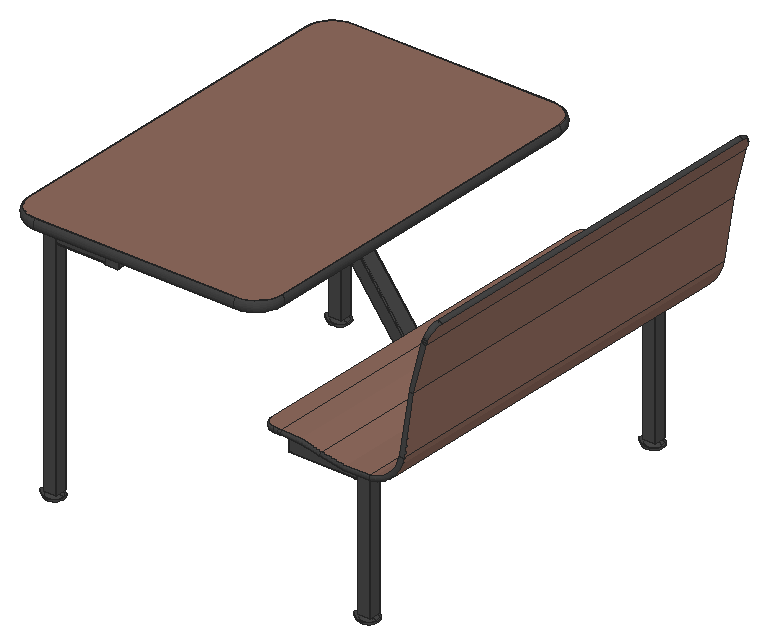
Revit family "Plymold-Contour-ADA_Island_Unit", category Furniture, Revit 2022 (continued)
Definition of nested family "Seat"
  Forms (in)
    Sweep 2, solid, material <- "Seat Finish"
      path origin (0, 5.3357, 35.21098) x (0, -0.353061, -0.9356) y (-1, 0, 0)
        loop
          line (0.77025, 21) -> (0.52719, 21)
          arc (0.52719, 21) -> (-0.53347, 20.56066) -> (-0.97281, 19.5) r 1.5
          line (-0.97281, 19.5) -> (-0.97281, -19.5)
          arc (-0.97281, -19.5) -> (-0.53347, -20.56066) -> (0.52719, -21) r 1.5
          line (0.52719, -21) -> (0.77025, -21)
      profile origin (0, 5.67916, 36.12114) x (0, -0.353061, -0.9356) y (0, 0.9356, -0.353061)
        loop
          line (0.49306, 4.36351) -> (0.125, 4.36351)
          arc (0.125, 4.36351) -> (-0.00007, 4.0815) -> (0.125, 3.79949) r 0.38048
          line (0.125, 3.79949) -> (0.49306, 3.79949) -> (0.49306, 4.36351)
    Sweep 3, solid, material <- "Seat Finish"
      path origin (0, 0, 0) x (1, 0, 0) y (0, 1, 0)
        loop
          line (-21, -8.2304) -> (-21, -8.75)
          arc (-21, -8.75) -> (-20.56066, -9.81066) -> (-19.5, -10.25) r 1.5
          line (-19.5, -10.25) -> (19.5, -10.25)
          arc (19.5, -10.25) -> (20.56066, -9.81066) -> (21, -8.75) r 1.5
          line (21, -8.75) -> (21, -8.2304)
      profile origin (0, -10.25, 0) x (0, 1, 0) y (0, 0, 1)
        loop
          line (0.35779, 17.83899) -> (0.125, 17.83899)
          arc (0.125, 17.83899) -> (-0.00029, 17.55698) -> (0.125, 17.27497) r 0.38003
          line (0.125, 17.27497) -> (0.35779, 17.27497) -> (0.35779, 17.83899)
    Extrusion 4, solid, material <- "Seat Finish"
      sketch origin (0, 0, 0) x (1, 0, 0) y (0, 1, 0)
        loop
          line (20.64221, -8.2304) -> (-20.64221, -8.2304) -> (-20.64221, -8.75)
          arc (-20.64221, -8.75) -> (-20.30766, -9.55766) -> (-19.5, -9.89221) r 1.14221
          line (-19.5, -9.89221) -> (19.5, -9.89221)
          arc (19.5, -9.89221) -> (20.30766, -9.55766) -> (20.64221, -8.75) r 1.14221
          line (20.64221, -8.75) -> (20.64221, -8.2304)
      from 17.27497 to 17.83899
    Extrusion 5, solid, material <- "Seat Finish"
      sketch origin (0, 5.3357, 35.21098) x (0, -0.353061, -0.9356) y (-1, 0, 0)
        loop
          arc (0.52719, 20.50694) -> (-0.18482, 20.21201) -> (-0.47975, 19.5) r 1.00694
          line (-0.47975, 19.5) -> (-0.47975, -19.5)
          arc (-0.47975, -19.5) -> (-0.18482, -20.21201) -> (0.52719, -20.50694) r 1.00694
          line (0.52719, -20.50694) -> (0.77025, -20.50694) -> (0.77025, 20.50694) -> (0.52719, 20.50694)
      from 3.79949 to 4.36351
  Cuts and joins
    joined: Sweep 1, Sweep 2, Sweep 3, Extrusion 4, Extrusion 5
  Dimensions and locks (in)
    "Height": plane 6 to plane 2
    equal spacing: plane 8, plane 1 "Center Front/Back", plane 7
    "Depth": plane 7 to plane 8
    equal spacing: plane 4, plane 3 "Center Left/Right", plane 5
    "Width": plane 4 to plane 5
    plane 9 to plane 10 to plane 11 to plane 2 = 1/4" locked, 11 3/4" locked, 2 1/2" locked
    locked: plane 4 to Sweep 2 sketch curve at 1.5
    locked: Sweep 2 sketch curve to plane 5 at 1.5
    locked: Extrusion 5 sketch curve to plane 5 at 1.5
    locked: plane 4 to Extrusion 5 sketch curve at 1.5
    locked: plane 12 to Extrusion 5 sketch curve at 1.25
    locked: plane 4 to Sweep 3 sketch curve at 1.5
    locked: Sweep 3 sketch curve to plane 5 at 1.5
    locked: plane 8 to Sweep 3 sketch curve at 1.5  (x2)
    locked: Sweep 1 sketch curve to plane 5 at 0.38062
    locked: Sweep 1 sketch curve to plane 4 at 0.38062
    aligned and locked: plane 2 to level
    aligned and locked: Sweep 2 sketch curve to plane 4
    aligned and locked: Sweep 2 sketch curve to plane 5
    aligned and locked: plane 5 to Sweep 3 sketch curve
    aligned and locked: plane 8 to Sweep 3 sketch curve
    aligned and locked: Extrusion 5 sketch curve to plane 12
  Automatic sketch dimensions
    plane 12 to Sweep 2 sketch curve = 0.49306"
    Sweep 2 sketch curve to Sweep 2 sketch curve = 0.24306"  (x2)
    plane 6 to Sweep 1 sketch curve = 268.77306"
    plane 8 to Sweep 1 sketch curve = 1755.29527"
    level to Sweep 1 sketch curve = 0.31728"
    Sweep 1 sketch curve to plane 8 = 2.367"
    Sweep 1 sketch curve to plane 1 "Center Front/Back" = 0.79918"
    Sweep 1 sketch curve to plane 1 "Center Front/Back" = 2.00452"
    Sweep 1 sketch curve to plane 7 = 1.19201"
    plane 9 to Sweep 1 sketch curve = 8.32826"
    plane 7 to Sweep 1 sketch curve = 25.00981"
    plane 9 to Sweep 1 sketch curve = 2.77497"
    Sweep 1 sketch curve to plane 6 = 3.28415"
    Sweep 1 sketch curve to Sweep 1 sketch curve = 0.34739"
    plane 1 "Center Front/Back" to Sweep 1 sketch curve = 3.36839"
    Sweep 1 sketch curve to Sweep 1 sketch curve = 0"  (x3)
    plane 9 to Sweep 1 sketch curve = 1.68968"
    Sweep 1 sketch curve to Sweep 1 sketch curve = 0.08827"
    Sweep 3 sketch curve to Sweep 3 sketch curve = 0.5196"  (x2)
    plane 4 to Extrusion 4 sketch curve = 0.35779"
    Extrusion 4 sketch curve to plane 8 = 0.35779"
    plane 5 to Extrusion 4 sketch curve = 1 1/2"
    plane 5 to Extrusion 4 sketch curve = 0.35779"
    Extrusion 4 sketch curve to Extrusion 4 sketch curve = 1.14221"
    Extrusion 4 sketch curve to Extrusion 4 sketch curve = 0.5196"
    Extrusion 5 sketch curve to plane 12 = 1.00694"
    Extrusion 5 sketch curve to Extrusion 5 sketch curve = 0.24306"
    Sweep 2 sketch curve to profile plane = 0.38041"
    Sweep 2 sketch curve to Sweep 2 sketch curve = 0.11266"
    plane 13 to Sweep 2 sketch curve = 3.79949"
    Sweep 2 sketch curve to Sweep 2 sketch curve = 0.28201"
    Sweep 2 sketch curve to profile plane = 1/8"  (x2)
    Sweep 1 sketch curve to profile plane = 0"
    profile plane to Sweep 1 sketch curve = 0.28201"
    Sweep 1 sketch curve to Sweep 1 sketch curve = 0.28201"
    Sweep 1 sketch curve to Sweep 1 sketch curve = 0.25562"  (x3)
    Sweep 3 sketch curve to Sweep 3 sketch curve = 0.02195"
    level to Sweep 3 sketch curve = 17.27497"
    Sweep 3 sketch curve to Sweep 3 sketch curve = 0.28201"
    Sweep 3 sketch curve to Sweep 3 sketch curve = 0.23279"
    Sweep 3 sketch curve to profile plane = 1/8"  (x2)
Definition of nested family "Glide"
  Parameters (values of type "Glide")
    Revit Model Built By = "https://servex-us.com/servex-revit/"
    Glides Finish [instance] = none
    Default Elevation = 0"
  Reference planes (in)
    plane 1 "Center (Front/Back)": y = 0
    plane 2: z = 0
    plane 3 "Center (Left/Right)": x = 0
  Forms (in)
    Extrusion 1, solid, material <- "Glides Finish"
      sketch origin (27.87221, -11.024, 15.875) x (-0.720369, -0.693591, 0) y (0.693591, -0.720369, 0)
        loop
          line (12.27974, -28.36016) -> (13.37471, -28.52976)
          arc (13.37471, -28.52976) -> (13.64532, -28.44132) -> (13.73375, -28.17071) r 0.3146
          line (13.73375, -28.17071) -> (13.56416, -27.07574)
          arc (13.56416, -27.07574) -> (11.6562, -26.4522) -> (12.27974, -28.36016) r 1.12543
      from -15.875 to -15.725
    Revolve 2, solid, material <- "Glides Finish"
      sketch origin (9.978, 1.70954, 0) x (0.985095, 0.172009, 0) y (0, 0, 1)
        loop
          line (-9.93863, 0.563) -> (-10.12613, 0.563) -> (-10.12613, 0.15) -> (-9.23318, 0.15)
          arc (-9.23318, 0.15) -> (-9.54076, 0.25365) -> (-9.75208, 0.5) r 0.61205
          line (-9.75208, 0.5) -> (-9.93863, 0.5) -> (-9.93863, 0.563)
        axis (-10.12613, 0.563) -> (-10.12613, 0.15)
      angle from 0 to 360
  Lines and regions (in)
    symbolic lines
      curve 1: line (-0.64408, 0.88869, 0) -> (-1.55049, 0.2514, 0)
      curve 2: arc (-1.55049, 0.2514, 0) -> (-1.68409, 0, 0) -> (-1.56011, -0.25628, 0) r 0.3146
      curve 3: line (-1.56011, -0.25628, 0) -> (-0.67848, -0.92743, 0)
      curve 4: arc (-0.67848, -0.92743, 0) -> (1.12844, -0.05327, 0) -> (-0.64408, 0.88869, 0) r 1.12543
  Dimensions and locks (in)
    locked: Extrusion 1 sketch curve to Extrusion 1 sketch curve at 1.34783
    locked: Extrusion 1 sketch curve to Extrusion 1 sketch curve at 0.26174
    Revolve 2 sketch curve to Revolve 2 sketch curve to Revolve 2 sketch curve = 3/16" locked, 0.74013" locked
    aligned and locked: plane 2 to level
    aligned and locked: Revolve 2 sketch curve to Revolve 2 sketch curve
    aligned and locked: curve 1 to Extrusion 1
    aligned and locked: curve 2 to Extrusion 1
    aligned and locked: curve 3 to Extrusion 1
    aligned and locked: curve 4 to Extrusion 1
Types (9): name | Width | VE | TPD | PVC | Model | Description | DE
  (no name) | 47" | yes | no | no | "CBIS047VEADA" | "Contour Booth Unit w/Vinyl Edge Table Top - 47\"W x 50\"D x 36\"H" | no
  CBIS042PVCADA | 42" | no | no | yes | "CBIS042PVCADA" | "Contour Booth Unit w/PVC Edge Table Top - 42\"W x 50\"D x 36\"H" | no
  CBIS042VEADA | 42" | yes | no | no | "CBIS042VEADA" | "Contour Booth Unit w/Vinyl Edge Table Top - 42\"W x 50\"D x 36\"H" | no
  CBIS042TPDADA | 42" | no | yes | no | "CBIS042TPDADA" | "Contour Booth Unit w/Thin Vinyl Edge Profile Dur-A-Edge® Table Top - 42\"W x 50\"D x 36\"H" | no
  CBIS042DEADA | 42" | no | no | no | "CBIS042DEADA" | "Contour Booth Unit w/Bullnose Dur-A-Edge® Table Top - 42\"W x 50\"D x 36\"H" | yes
  CBIS047DEADA | 47" | no | no | no | "CBIS047DEADA" | "Contour Booth Unit w/Bullnose Dur-A-Edge® Table Top - 47\"W x 50\"D x 36\"H" | yes
  CBIS047VEADA | 47" | yes | no | no | "CBIS047VEADA" | "Contour Booth Unit w/Vinyl Edge Table Top - 47\"W x 50\"D x 36\"H" | no
  CBIS047PVCADA | 47" | no | no | yes | "CBIS047PVCADA" | "Contour Booth Unit w/PVC Edge Table Top - 47\"W x 50\"D x 36\"H" | no
  CBIS047TPDADA | 47" | no | yes | no | "CBIS047TPDADA" | "Contour Booth Unit w/Thin Vinyl Edge Profile Dur-A-Edge® Table Top - 47\"W x 50\"D x 36\"H" | no
